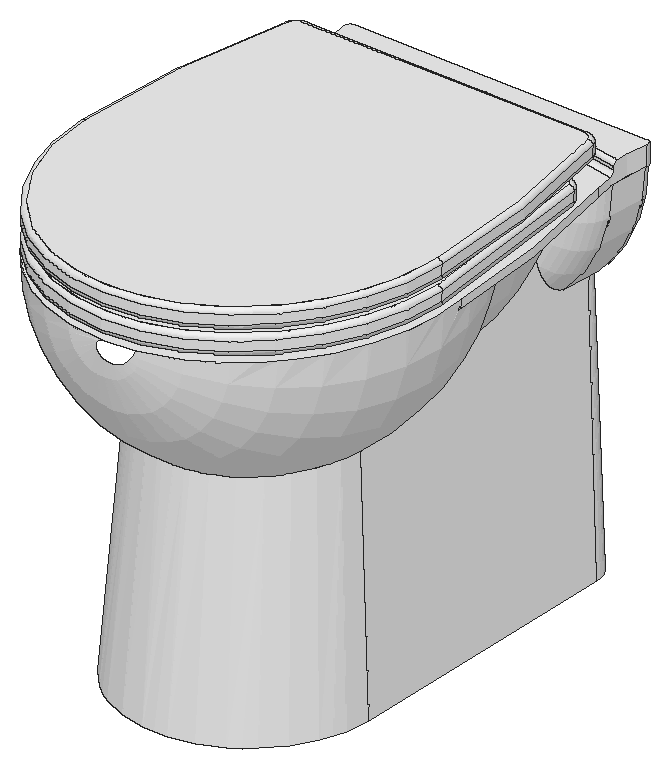
Revit family
Parameters
  Width = 360 mm  # constant formula
  Waste Connection Radius = Waste Connection Diameter / 2  # 51 mm
  Waste Connection = 1 = 1  # yes
  Vent Connection = 1 = 0  # no
  URL = "www.vaalsan.co.za"
  Seat Finish = Plastic-Vaal-White
  Product Code = "4317"
  Omniclass Title = "Water Operated Water Closets"
  Omniclass Number = "23.45.05.21.11.11"
  Model = "Parktown Signature Back Inlet Back To Wall Pan"
  Manufacturer = "Vaal Sanitaryware"  # constant formula
  Length = 525 mm  # constant formula
  Height of Pan = 400 mm  # constant formula
  HW Connection = 1 = 0  # no
  Family created by = "www.rbuiltcomponents.com"
  Cold Water Connection Diameter = 55 mm  # constant formula
  Waste Connection Diameter = 102 mm  # constant formula
  Clearance From Wall = 0 mm
  CW Connection Radius = Cold Water Connection Diameter / 2  # 27.5 mm
  CW Connection = 1 = 1  # yes
  Body Finish = Vitreous China-Vaal-White
  Assembly Code = "D2010110"
Reference planes
  plane 1 "Bottom": z = 0
  plane 2 "Center (Left/Right)": x = 0
  plane 3 "Top": z = 400
  plane 4 "WC back": y = -100
  plane 5: y = -555
  plane 6: y = -238
  plane 7 "Back": y = -100
  plane 8 "Front": y = -625
  plane 9 "Left": x = -180
  plane 10 "Right": x = 180
  plane 11: x = -160
  plane 12: x = 160
  plane 13: x = -80
  plane 14: x = 80
  plane 15 "Void Sweep": z = 392
Forms (mm)
  Blend 1, solid, material "Vitreous China-Vaal-White" <- "Body Finish"
    base sketch origin (0, 0, 0) x (1, 0, 0) y (0, 1, 0)
      loop
        arc (-125, -430) -> (0, -555) -> (125, -430) r 125
        line (125, -430) -> (125, -129.983)
        arc (125, -129.983) -> (116.218, -108.782) -> (95.017, -100) r 29.983
        line (95.017, -100) -> (-95, -100)
        arc (-95, -100) -> (-116.213, -108.787) -> (-125, -130) r 30
        line (-125, -130) -> (-125, -430)
    top sketch origin (0, 0, 0) x (1, 0, 0) y (0, 1, 0)
      loop
        arc (-100, -415) -> (0, -515) -> (100, -415) r 100
        line (100, -415) -> (100, -115)
        arc (100, -115) -> (95.607, -104.393) -> (85, -100) r 15
        line (85, -100) -> (-85, -100)
        arc (-85, -100) -> (-95.607, -104.393) -> (-100, -115) r 15
        line (-100, -115) -> (-100, -415)
    from 0 to 392
  Revolve 2, solid, material "Vitreous China-Vaal-White" <- "Body Finish"
    sketch origin (0, 0, 0) x (0, 1, 0) y (0, 0, 1)
      loop
        line (-205, 400) -> (-625, 400)
        spline (-625, 400) -> (-617.844, 350.824) -> (-596.865, 305) -> (-563.492, 265.65) -> (-520, 235.455) -> (-469.352, 216.474) -> (-415, 210) -> (-360.648, 216.474) -> (-310, 235.455) -> (-266.508, 265.65) -> (-233.135, 305) -> (-212.156, 350.824) -> (-205, 400)
      axis (-625, 400) -> (-205, 400)
    angle from -90 to 90
  Extrusion 3, solid, material "Vitreous China-Vaal-White" <- "Body Finish"
    sketch origin (0, 0, 400) x (-1, 0, 0) y (0, -1, 0)
      loop
        line (160, 100) -> (160, 300) -> (-160, 300) -> (-160, 100) -> (160, 100)
    from -8 to -140.881
  Revolve 4, void
    sketch origin (0, 0, 392) x (0, 1, 0) y (-1, 0, 0)
      loop
        line (-100, 150.984) -> (-100, 220) -> (-300, 220) -> (-300, 153.751)
        arc (-300, 153.751) -> (-241.09, 147.019) -> (-185.218, 127.17) r 261.116
        arc (-185.218, 127.17) -> (-171.773, 148) -> (-148.636, 156.907) r 40
        line (-148.636, 156.907) -> (-108.46, 159.012)
        arc (-108.46, 159.012) -> (-102.505, 156.815) -> (-100, 150.984) r 8.039
      axis (-100, 0) -> (-300, 0)
    angle from 0 to 180
  Extrusion 5, solid, material "Vitreous China-Vaal-White" <- "Body Finish"
    sketch origin (0, 0, 400) x (-1, 0, 0) y (0, -1, 0)
      loop
        arc (153.396, 100) -> (158.068, 102.236) -> (159.258, 107.277) r 6
        arc (159.258, 107.277) -> (155.902, 140.204) -> (160, 173.046) r 146.926
        arc (160, 173.046) -> (181.581, 293.168) -> (188.809, 415) r 1030.439
        line (188.809, 415) -> (-188.809, 415)
        arc (-188.809, 415) -> (-181.581, 293.168) -> (-160, 173.046) r 1030.439
        arc (-160, 173.046) -> (-155.902, 140.204) -> (-159.258, 107.277) r 146.926
        arc (-159.258, 107.277) -> (-158.068, 102.236) -> (-153.396, 100) r 6
        line (-153.396, 100) -> (153.396, 100)
    from 12.935 to -8
  Sweep 6, void
    path origin (0, 0, 400) x (-1, 0, 0) y (0, -1, 0)
      loop
        arc (308.651, 208.877) -> (0, 126.174) -> (-308.651, 208.877) r 617.303
    profile origin (0, -126.174, 400) x (0, 1, 0) y (0, 0, 1)
      loop
        line (66.051, 12.5) -> (66.051, 40) -> (-293.949, 40) -> (-293.949, 0) -> (-5, 0)
        arc (-5, 0) -> (-1.464, 1.464) -> (0, 5) r 5
        line (0, 5) -> (0, 7.5)
        arc (0, 7.5) -> (1.464, 11.036) -> (5, 12.5) r 5
        line (5, 12.5) -> (66.051, 12.5)
  Extrusion 7, solid, material "Plastic-Vaal-White" <- "Seat Finish"
    sketch origin (0, 0, 400) x (-1, 0, 0) y (0, -1, 0)
      loop
        arc (147.388, 179.997) -> (150.477, 181.065) -> (152.246, 183.812) r 5
        arc (152.246, 183.812) -> (173.037, 298.422) -> (180, 414.694) r 974.215
        spline (180, 414.694) -> (173.797, 466.69) -> (155.674, 515.057) -> (126.935, 556.478) -> (89.617, 588.121) -> (46.336, 607.943) -> (0, 614.695) -> (-46.336, 607.943) -> (-89.616, 588.121) -> (-126.934, 556.478) -> (-155.673, 515.057) -> (-173.797, 466.69) -> (-179.999, 414.694)
        arc (-179.999, 414.694) -> (-173.036, 298.422) -> (-152.245, 183.812) r 974.215
        arc (-152.245, 183.812) -> (-150.476, 181.065) -> (-147.388, 179.997) r 5
        line (-147.388, 179.997) -> (147.388, 179.997)
    from 30 to 50
  Sweep 8, solid, material "Plastic-Vaal-White" <- "Seat Finish"
    path in 3D
      loop
        arc (-147.388, -179.997, 450) -> (-150.477, -181.065, 450) -> (-152.246, -183.812, 450) r 5
        arc (-152.246, -183.812, 450) -> (-173.037, -298.422, 450) -> (-180, -414.694, 450) r 974.215
        spline (-180, -414.694, 450) -> (-173.797, -466.69, 450) -> (-155.674, -515.057, 450) -> (-126.935, -556.478, 450) -> (-89.617, -588.121, 450) -> (-46.336, -607.943, 450) -> (0, -614.695, 450) -> (46.336, -607.943, 450) -> (89.616, -588.121, 450) -> (126.934, -556.478, 450) -> (155.673, -515.057, 450) -> (173.797, -466.69, 450) -> (179.999, -414.694, 450)
        arc (179.999, -414.694, 450) -> (173.036, -298.422, 450) -> (152.245, -183.812, 450) r 974.215
        arc (152.245, -183.812, 450) -> (150.476, -181.065, 450) -> (147.388, -179.997, 450) r 5
        line (147.388, -179.997, 450) -> (-147.388, -179.997, 450)
    profile origin (0, -179.997, 450) x (0, -1, 0) y (0, 0, 1)
      loop
        line (0, -20) -> (0, 0) -> (-5, 0)
        arc (-5, 0) -> (-8.536, -1.464) -> (-10, -5) r 5
        line (-10, -5) -> (-10, -15)
        arc (-10, -15) -> (-8.536, -18.536) -> (-5, -20) r 5
        line (-5, -20) -> (0, -20)
  Extrusion 9, solid, material "Plastic-Vaal-White" <- "Seat Finish"
    sketch origin (0, 0, 400) x (-1, 0, 0) y (0, -1, 0)
      loop
        arc (159.914, 217.886) -> (174.965, 315.779) -> (180, 414.694) r 974.215
        spline (180, 414.694) -> (173.797, 466.69) -> (155.674, 515.057) -> (126.935, 556.478) -> (89.617, 588.121) -> (46.336, 607.943) -> (0, 614.695) -> (-46.336, 607.943) -> (-89.616, 588.121) -> (-126.934, 556.478) -> (-155.673, 515.057) -> (-173.797, 466.69) -> (-179.999, 414.694)
        arc (-179.999, 414.694) -> (-174.965, 315.779) -> (-159.913, 217.886) r 974.215
        arc (-159.913, 217.886) -> (-158.174, 215.02) -> (-155.016, 213.896) r 5
        line (-155.016, 213.896) -> (155.017, 213.896)
        arc (155.017, 213.896) -> (158.175, 215.02) -> (159.914, 217.886) r 5
    from 5 to 25
  Revolve 10, solid, material "Plastic-Vaal-White" <- "Seat Finish"
    sketch origin (-76.438, -146.25, 10) x (0, -1, 0) y (0, 0, -1)
      loop
        line (45, -420) -> (57.536, -420)
        arc (57.536, -420) -> (57.621, -413.327) -> (55.081, -407.156) r 16.66
        arc (55.081, -407.156) -> (58.509, -398.856) -> (60, -390) r 39.998
        line (60, -390) -> (45, -390) -> (45, -420)
      axis (45, -420) -> (45, -390)
    angle from 0 to 360
  Revolve 11, solid, material "Plastic-Vaal-White" <- "Seat Finish"
    sketch origin (76.438, -146.25, 10) x (0, -1, 0) y (0, 0, 1)
      loop
        line (45, 420) -> (45, 390) -> (60, 390)
        arc (60, 390) -> (58.509, 398.856) -> (55.081, 407.156) r 39.998
        arc (55.081, 407.156) -> (57.621, 413.327) -> (57.536, 420) r 16.66
        line (57.536, 420) -> (45, 420)
      axis (45, 420) -> (45, 390)
    angle from 0 to 360
  Sweep 12, solid, material "Plastic-Vaal-White" <- "Seat Finish"
    path in 3D
      loop
        arc (-155.017, -213.896, 425) -> (-158.175, -215.02, 425) -> (-159.914, -217.886, 425) r 5
        arc (-159.914, -217.886, 425) -> (-174.965, -315.779, 425) -> (-180, -414.694, 425) r 974.215
        spline (-180, -414.694, 425) -> (-173.797, -466.69, 425) -> (-155.674, -515.057, 425) -> (-126.935, -556.478, 425) -> (-89.617, -588.121, 425) -> (-46.336, -607.943, 425) -> (0, -614.695, 425) -> (46.336, -607.943, 425) -> (89.616, -588.121, 425) -> (126.934, -556.478, 425) -> (155.673, -515.057, 425) -> (173.797, -466.69, 425) -> (179.999, -414.694, 425)
        arc (179.999, -414.694, 425) -> (174.965, -315.779, 425) -> (159.913, -217.886, 425) r 974.215
        arc (159.913, -217.886, 425) -> (158.174, -215.02, 425) -> (155.016, -213.896, 425) r 5
        line (155.016, -213.896, 425) -> (-155.017, -213.896, 425)
    profile origin (0, -213.896, 425) x (0, -1, 0) y (0, 0, 1)
      loop
        line (0, 0) -> (-5, 0)
        arc (-5, 0) -> (-8.536, -1.464) -> (-10, -5) r 5
        line (-10, -5) -> (-10, -15)
        arc (-10, -15) -> (-8.536, -18.536) -> (-5, -20) r 5
        line (-5, -20) -> (0, -20) -> (0, 0)
Cuts and joins
  Revolve 4, Sweep 6 cuts Extrusion 3
  Sweep 6 cuts Blend 1
  Sweep 6 cuts Revolve 2
  Sweep 6 cuts Extrusion 5
  joined: Blend 1, Revolve 2, Extrusion 5
  joined: Extrusion 7, Sweep 8
  joined: Extrusion 9, Sweep 12
Lines and regions (mm)
  Masking region 1
    outline origin (0, -100, 0) x (1, 0, 0) y (0, 0, 1)
      loop
        line (-180, 450) -> (-180, 400)
        arc (-180, 400) -> (-165.765, 329.844) -> (-125.312, 270.784) r 180
        arc (-125.312, 270.784) -> (-113.478, 252.902) -> (-110.223, 231.708) r 50
        line (-110.223, 231.708) -> (-125, 0) -> (125, 0) -> (110.223, 231.708)
        arc (110.223, 231.708) -> (113.478, 252.902) -> (125.312, 270.784) r 50
        arc (125.312, 270.784) -> (165.765, 329.844) -> (180, 400) r 180
        line (180, 400) -> (180, 450) -> (-180, 450)
  Masking region 2
    outline origin (0, 0, 0) x (0, 1, 0) y (0, 0, 1)
      loop
        line (-149.55, 400) -> (-170, 400) -> (-170, 450) -> (-625, 450) -> (-625, 379.936)
        arc (-625, 379.936) -> (-606.579, 306.829) -> (-555.715, 251.181) r 154.278
        arc (-555.715, 251.181) -> (-538.051, 230.809) -> (-533.535, 204.226) r 50
        line (-533.535, 204.226) -> (-555, 0) -> (-100.123, 0) -> (-100.123, 412.5) -> (-137.05, 412.5) -> (-149.55, 400)
  Masking region 3
    outline origin (0, 0, 0) x (1, 0, 0) y (0, 1, 0)
      loop
        line (151.318, -100) -> (-151.318, -100)
        arc (-151.318, -100) -> (-159.106, -103.728) -> (-161.088, -112.132) r 10
        arc (-161.088, -112.132) -> (-155.694, -159.613) -> (-160, -207.206) r 235.4
        arc (-160, -207.206) -> (-174.988, -310.623) -> (-180, -415) r 1089.462
        spline (-180, -415) -> (-173.867, -469.352) -> (-155.885, -520) -> (-127.279, -563.492) -> (-90, -596.865) -> (-46.587, -617.844) -> (0, -625) -> (46.587, -617.844) -> (90, -596.865) -> (127.279, -563.492) -> (155.885, -520) -> (173.867, -469.352) -> (180, -415)
        arc (180, -415) -> (174.988, -310.623) -> (160, -207.206) r 1089.462
        arc (160, -207.206) -> (155.694, -159.613) -> (161.088, -112.132) r 235.4
        arc (161.088, -112.132) -> (159.106, -103.728) -> (151.318, -100) r 10
  symbolic lines, style "Water Closet"
    curve 1: line (-180, 0, 400) -> (180, 0, 400)
    curve 2: line (0, -170, 400) -> (0, -625, 400)
  symbolic lines, style "Water Closet", detail levels fine
    curve 3: line (0, -170, 425) -> (0, -625, 425)
    curve 4: spline (80, 0, 238.852) -> (67.762, 0, 232.884) -> (54.933, 0, 227.929) -> (41.625, 0, 224.029) -> (27.953, 0, 221.219) -> (14.038, 0, 219.523) -> (0, 0, 218.956) -> (-14.038, 0, 219.523) -> (-27.953, 0, 221.219) -> (-41.625, 0, 224.029) -> (-54.933, 0, 227.929) -> (-67.762, 0, 232.884) -> (-80, 0, 238.852)
    curve 5: line (-180, 0, 425) -> (180, 0, 425)
    curve 6: line (0, -179.64, 385) -> (0, -318.038, 385)
    curve 7: line (150, -170, 0) -> (-150, -170, 0)
    curve 14: arc (-150, -170, 400) -> (-154.301, -171.781, 400) -> (-156.082, -176.082, 400) r 6.082
    curve 15: arc (150, -170, 400) -> (154.301, -171.781, 400) -> (156.082, -176.082, 400) r 6.082
    curve 16: line (0, -179.64, 385) -> (0, -179.64, 332.214)
    curve 17: arc (0, -179.64, 332.214) -> (0, -191.561, 277.772) -> (0, -225.14, 233.293) r 130.284
    curve 18: line (0, -258.038, 385) -> (0, -531.273, 232.601)
  sketch lines
    curve 8: line (155.016, -213.896, 425) -> (-155.017, -213.896, 425)
    curve 9: arc (-159.914, -217.886, 425) -> (-158.175, -215.02, 425) -> (-155.017, -213.896, 425) r 5
    curve 10: arc (-180, -414.694, 425) -> (-174.965, -315.779, 425) -> (-159.914, -217.886, 425) r 974.215
    curve 11: spline (179.999, -414.694, 425) -> (173.797, -466.69, 425) -> (155.673, -515.057, 425) -> (126.934, -556.478, 425) -> (89.616, -588.121, 425) -> (46.336, -607.943, 425) -> (0, -614.695, 425) -> (-46.336, -607.943, 425) -> (-89.617, -588.121, 425) -> (-126.935, -556.478, 425) -> (-155.674, -515.057, 425) -> (-173.797, -466.69, 425) -> (-180, -414.694, 425)
    curve 12: arc (159.913, -217.886, 425) -> (174.965, -315.779, 425) -> (179.999, -414.694, 425) r 974.215
    curve 13: arc (155.016, -213.896, 425) -> (158.174, -215.02, 425) -> (159.913, -217.886, 425) r 5
    curve 29: line (147.388, -179.997, 450) -> (-147.388, -179.997, 450)
    curve 30: arc (-152.246, -183.812, 450) -> (-150.477, -181.065, 450) -> (-147.388, -179.997, 450) r 5
    curve 31: arc (-180, -414.694, 450) -> (-173.037, -298.422, 450) -> (-152.246, -183.812, 450) r 974.215
    curve 32: spline (179.999, -414.694, 450) -> (173.797, -466.69, 450) -> (155.673, -515.057, 450) -> (126.934, -556.478, 450) -> (89.616, -588.121, 450) -> (46.336, -607.943, 450) -> (0, -614.695, 450) -> (-46.336, -607.943, 450) -> (-89.617, -588.121, 450) -> (-126.935, -556.478, 450) -> (-155.674, -515.057, 450) -> (-173.797, -466.69, 450) -> (-180, -414.694, 450)
    curve 33: arc (152.245, -183.812, 450) -> (173.036, -298.422, 450) -> (179.999, -414.694, 450) r 974.215
    curve 34: arc (147.388, -179.997, 450) -> (150.476, -181.065, 450) -> (152.245, -183.812, 450) r 5
  symbolic lines, style "PlumbingFixturesHiddenLines", detail levels fine
    curve 19: line (0, -192.184, 221.902) -> (0, -238, 221.902)
    curve 20: line (0, -192.184, 119.902) -> (0, -192.184, 221.902)
    curve 21: line (0, -238, 119.902) -> (0, -192.184, 119.902)
    curve 22: line (0, -238, 229.902) -> (0, -238, 108.55)
    curve 23: arc (0, -225.14, 233.293) -> (0, -108.815, 139.666) -> (0, -188.117, 13.141) r 112.401
    curve 24: line (0, -188.117, 13.141) -> (0, -188.117, 0)
    curve 25: line (0, -231.022, 91.155) -> (0, -284.267, 53.873)
    curve 26: arc (0, -284.267, 53.873) -> (0, -295.933, 40.597) -> (0, -300.184, 23.442) r 37.329
    curve 27: line (0, -300.184, 23.442) -> (0, -300.184, 0)
    curve 28: arc (0, -238, 108.55) -> (0, -227.61, 102.621) -> (0, -231.022, 91.155) r 9.623
Dimensions and locks
  locked: plane 3 "Top" to plane 1 "Bottom" at 400
  locked: plane 5 to plane 4 "WC back" at 455
  locked: plane 6 to plane 4 "WC back" at 138
  Revolve 2 sketch curve to level = 400 mm
  "Clearance From Wall": plane 4 "WC back" to plane 7 "Back"
  equal spacing: plane 9 "Left", plane 2 "Center (Left/Right)", plane 10 "Right"
  locked: plane 9 "Left" to plane 10 "Right" at 360
  equal spacing: plane 11, plane 2 "Center (Left/Right)", plane 12
  locked: plane 11 to plane 12 at 320
  equal spacing: plane 13, plane 2 "Center (Left/Right)", plane 14
  locked: plane 13 to plane 14 at 160
  equal spacing: Blend 1 sketch curve, plane 2 "Center (Left/Right)", Blend 1 sketch curve  (x2)
  locked: Blend 1 sketch curve to Blend 1 sketch curve at 250
  locked: Blend 1 sketch curve to Blend 1 sketch curve at 200
  locked: Revolve 2 sketch curve to plane 8 "Front" at 210
  locked: plane 3 "Top" to plane 15 "Void Sweep" at 8
  connector elem to level = 180 mm
  locked: plane 6 to Extrusion 9 sketch curve at 24.104
  locked: Extrusion 9 sketch curve to plane 6 at 176.694  (x2)
  locked: Extrusion 9 sketch curve to plane 9 "Left" at 614.216
  locked: plane 10 "Right" to Extrusion 9 sketch curve at 614.215
  locked: plane 6 to Extrusion 7 sketch curve at 58.003
  locked: Extrusion 7 sketch curve to plane 6 at 176.694  (x2)
  locked: Extrusion 7 sketch curve to plane 9 "Left" at 614.216
  locked: plane 10 "Right" to Extrusion 7 sketch curve at 614.215
  locked: plane 5 to Blend 1 sketch curve at 125
  locked: plane 5 to Blend 1 sketch curve at 140
  locked: Extrusion 3 sketch curve to plane 6 at 62
  locked: Sweep 6 sketch curve to plane 8 "Front" at 118.477
  locked: plane 2 "Center (Left/Right)" to Sweep 6 sketch curve
  Revolve 4 sketch curve to plane 6 to Revolve 4 sketch curve = 62 mm locked, 138 mm locked
  Extrusion 5 sketch curve to plane 6 to Extrusion 5 sketch curve = 177 mm locked, 138 mm locked
  Sweep 6 sketch curve to plane 6 to Sweep 6 sketch curve = 177.877 mm locked, 182.123 mm locked
  Masking region 2 sketch curve to Masking region 2 sketch curve to plane 6 to Masking region 2 sketch curve = 69.877 mm locked, 68 mm locked, 387 mm locked
  locked: plane 8 "Front" to plane 4 "WC back" at 525
  locked: connector elem to plane 2 "Center (Left/Right)"  (x2)
  locked: connector elem to plane 1 "Bottom" at 357.5
  radius of Sweep 6 sketch curve = 617.303 mm
  aligned and locked: curve 1 to plane 3 "Top"
  aligned and locked: curve 2 to Masking region 2
  aligned and locked: Masking region 2 to curve 2
  aligned and locked: Blend 1 to plane 1 "Bottom"
  aligned and locked: Revolve 2 sketch curve to Revolve 2 sketch curve
  aligned and locked: plane 12 to Extrusion 3 sketch curve
  aligned and locked: Revolve 4 sketch curve to plane 2 "Center (Left/Right)"
  aligned and locked: cut or joined group of Blend 1, Revolve 2, Extrusion 5, Sweep 6 to plane 15 "Void Sweep"
  aligned and locked: plane 15 "Void Sweep" to cut or joined group of Extrusion 3, Revolve 4, Sweep 6
  aligned and locked: plane 15 "Void Sweep" to cut or joined group of Blend 1, Revolve 2, Extrusion 5, Sweep 6
  aligned and locked: Sweep 12 to Extrusion 9
  aligned and locked: plane 9 "Left" to Masking region 3 sketch curve
  aligned and locked: Masking region 3 sketch curve to cut or joined group of Blend 1, Revolve 2, Extrusion 5, Sweep 6
  aligned and locked: plane 9 "Left" to Masking region 1 sketch curve
  aligned and locked: plane 10 "Right" to Masking region 1 sketch curve
  aligned and locked: plane 10 "Right" to curve 1
  aligned and locked: plane 9 "Left" to curve 1
  aligned and locked: plane 9 "Left" to curve 5
  aligned and locked: plane 10 "Right" to curve 5
  aligned and locked: Masking region 2 to curve 3
  aligned and locked: plane 8 "Front" to curve 3
  aligned and locked: plane 8 "Front" to curve 2
  aligned and locked: Blend 1 sketch curve to plane 4 "WC back"  (x2)
  aligned and locked: plane 4 "WC back" to Extrusion 3 sketch curve
  aligned and locked: Extrusion 3 sketch curve to plane 11
  aligned and locked: Sweep 6 sketch curve to profile plane
Automatic sketch dimensions
  Revolve 2 sketch curve to plane 8 "Front" = 0 mm
  plane 8 "Front" to Revolve 2 sketch curve = 55 mm
  Revolve 2 sketch curve to Revolve 2 sketch curve = 25 mm
  Revolve 4 sketch curve to plane 4 "WC back" = 0 mm  (x2)
  Revolve 4 sketch curve to plane 5 = 140 mm
  plane 11 to Revolve 4 sketch curve = 32.83 mm
  plane 11 to Revolve 4 sketch curve = 3.093 mm
  Revolve 4 sketch curve to Revolve 4 sketch curve = 36.582 mm
  Revolve 4 sketch curve to plane 13 = 36.961 mm
  plane 11 to Revolve 4 sketch curve = 0.988 mm
  plane 4 "WC back" to Revolve 4 sketch curve = 8.46 mm
  Revolve 4 sketch curve to Revolve 4 sketch curve = 0.421 mm
  plane 14 to Revolve 4 sketch curve = 27.365 mm
  Revolve 4 sketch curve to Revolve 4 sketch curve = 0 mm
  Revolve 4 sketch curve to plane 9 "Left" = 40 mm
  Extrusion 5 sketch curve to plane 12 = 0 mm  (x2)
  Extrusion 5 sketch curve to plane 11 = 0 mm  (x2)
  plane 10 "Right" to Extrusion 5 sketch curve = 8.809 mm
  plane 4 "WC back" to Extrusion 5 sketch curve = 38.547 mm
  Extrusion 5 sketch curve to Extrusion 5 sketch curve = 538.812 mm
  Extrusion 5 sketch curve to plane 12 = 0.742 mm
  Extrusion 5 sketch curve to Extrusion 5 sketch curve = 0 mm  (x2)
  Extrusion 5 sketch curve to Extrusion 5 sketch curve = 5.863 mm
  plane 11 to Extrusion 5 sketch curve = 6.604 mm
  plane 11 to Extrusion 5 sketch curve = 0.742 mm
  Extrusion 5 sketch curve to plane 2 "Center (Left/Right)" = 188.809 mm
  Sweep 6 sketch curve to plane 6 = 29.123 mm  (x2)
  Sweep 6 sketch curve to plane 3 "Top" = 0 mm
  profile plane to Sweep 6 sketch curve = 5 mm
  Sweep 6 sketch curve to profile plane = 5 mm
  Sweep 6 sketch curve to Sweep 6 sketch curve = 2.5 mm
  Sweep 6 sketch curve to Sweep 6 sketch curve = 27.5 mm
  Extrusion 7 sketch curve to plane 10 "Right" = 0.001 mm
  Extrusion 7 sketch curve to Extrusion 7 sketch curve = 0 mm  (x2)
  Extrusion 7 sketch curve to Extrusion 7 sketch curve = 4.858 mm  (x2)
  plane 9 "Left" to Extrusion 7 sketch curve = 0 mm
  profile plane to Sweep 8 sketch curve = 10 mm
  Sweep 8 sketch curve to profile plane = 0 mm
  profile plane to Sweep 8 sketch curve = 5 mm  (x2)
  Sweep 8 sketch curve to Sweep 8 sketch curve = 5 mm
  Sweep 8 sketch curve to Sweep 8 sketch curve = 10 mm
  Revolve 10 sketch curve to plane 3 "Top" = 0 mm  (x2)
  Revolve 10 sketch curve to plane 3 "Top" = 2.169 mm
  plane 4 "WC back" to Revolve 10 sketch curve = 66.311 mm
  Revolve 10 sketch curve to Revolve 10 sketch curve = 21.197 mm
  Revolve 10 sketch curve to Revolve 10 sketch curve = 24.939 mm
  Revolve 10 sketch curve to Revolve 10 sketch curve = 0 mm  (x2)
  Revolve 10 sketch curve to Revolve 10 sketch curve = 10.081 mm
  Revolve 10 sketch curve to Revolve 10 sketch curve = 12.536 mm
  Revolve 10 sketch curve to Revolve 10 sketch curve = 15 mm
  Revolve 10 sketch curve to Revolve 10 sketch curve = 9.299 mm
  Revolve 11 sketch curve to plane 3 "Top" = 0 mm  (x2)
  Revolve 11 sketch curve to plane 3 "Top" = 2.169 mm
  plane 4 "WC back" to Revolve 11 sketch curve = 66.311 mm
  Revolve 11 sketch curve to Revolve 11 sketch curve = 21.197 mm
  Revolve 11 sketch curve to Revolve 11 sketch curve = 24.939 mm
  Revolve 11 sketch curve to Revolve 11 sketch curve = 0 mm  (x2)
  Revolve 11 sketch curve to Revolve 11 sketch curve = 10.081 mm
  Revolve 11 sketch curve to Revolve 11 sketch curve = 12.536 mm
  Revolve 11 sketch curve to Revolve 11 sketch curve = 15 mm
  Revolve 11 sketch curve to Revolve 11 sketch curve = 9.299 mm
  Extrusion 9 sketch curve to plane 10 "Right" = 0.001 mm
  Extrusion 9 sketch curve to plane 12 = 0.087 mm
  plane 11 to Extrusion 9 sketch curve = 0.086 mm
  Extrusion 9 sketch curve to Extrusion 9 sketch curve = 0 mm  (x2)
  plane 9 "Left" to Extrusion 9 sketch curve = 0 mm
  curve 7 to plane 13 = 70 mm
  plane 14 to curve 7 = 70 mm
  curve 7 to plane 6 = 68 mm
  Blend 1 sketch curve to plane 13 = 15 mm
  plane 14 to Blend 1 sketch curve = 15.017 mm
  Blend 1 sketch curve to plane 13 = 5 mm
  plane 14 to Blend 1 sketch curve = 5 mm
  curve 15 to plane 12 = 3.918 mm
  curve 15 to curve 15 = 6.082 mm
  plane 11 to curve 14 = 10 mm
  plane 11 to curve 14 = 3.918 mm
  curve 14 to plane 6 = 68 mm
  curve 15 to plane 6 = 68 mm
  Masking region 3 sketch curve to plane 11 = 0 mm  (x2)
  Masking region 3 sketch curve to plane 4 "WC back" = 0 mm
  Masking region 3 sketch curve to plane 2 "Center (Left/Right)" = 0 mm
  Masking region 3 sketch curve to plane 12 = 0 mm  (x2)
  plane 4 "WC back" to Masking region 3 sketch curve = 62.308 mm
  Masking region 3 sketch curve to Masking region 3 sketch curve = 231.078 mm
  Masking region 3 sketch curve to Masking region 3 sketch curve = 518.384 mm
  Masking region 3 sketch curve to plane 11 = 1.088 mm
  Masking region 3 sketch curve to Masking region 3 sketch curve = 0 mm  (x2)
  Masking region 3 sketch curve to plane 12 = 8.682 mm
  plane 12 to Masking region 3 sketch curve = 1.088 mm
  Sweep 12 sketch curve to profile plane = 0 mm  (x2)
  profile plane to Sweep 12 sketch curve = 5 mm  (x2)
  Sweep 12 sketch curve to Sweep 12 sketch curve = 5 mm
  Sweep 12 sketch curve to Sweep 12 sketch curve = 10 mm
  Masking region 1 sketch curve to Masking region 1 sketch curve = 0 mm  (x4)
  Masking region 1 sketch curve to level = 0 mm
  Masking region 1 sketch curve to plane 2 "Center (Left/Right)" = 0 mm
  Masking region 1 sketch curve to plane 3 "Top" = 0 mm
  Masking region 1 sketch curve to plane 11 = 0.121 mm
  plane 11 to Masking region 1 sketch curve = 35 mm
  Masking region 1 sketch curve to Masking region 1 sketch curve = 34.809 mm  (x2)
  Masking region 1 sketch curve to Masking region 1 sketch curve = 15.09 mm  (x2)
  plane 14 to Masking region 1 sketch curve = 45 mm
  Masking region 1 sketch curve to Masking region 1 sketch curve = 35.893 mm
  plane 3 "Top" to Masking region 1 sketch curve = 50 mm
  curve 4 to plane 13 = 0 mm
  curve 4 to plane 14 = 0 mm
  plane 11 to curve 4 = 9.555 mm
  plane 2 "Center (Left/Right)" to curve 4 = 0 mm
  curve 4 to plane 15 "Void Sweep" = 43.093 mm
  curve 4 to curve 4 = 110.055 mm
  plane 3 "Top" to curve 5 = 25 mm
  Masking region 2 sketch curve to level = 0 mm
  Masking region 2 sketch curve to plane 5 = 0 mm
  plane 5 to Masking region 2 sketch curve = 28.261 mm
  plane 5 to Masking region 2 sketch curve = 0.715 mm
  Masking region 2 sketch curve to Masking region 2 sketch curve = 0 mm
  Masking region 2 sketch curve to plane 5 = 21.465 mm
  Masking region 2 sketch curve to plane 15 "Void Sweep" = 12.064 mm
  Masking region 2 sketch curve to Masking region 2 sketch curve = 154.278 mm
  Masking region 2 sketch curve to Masking region 2 sketch curve = 20.45 mm
  Masking region 2 sketch curve to Masking region 2 sketch curve = 12.5 mm
  plane 3 "Top" to Masking region 2 sketch curve = 12.5 mm
  Masking region 2 sketch curve to Masking region 2 sketch curve = 37.5 mm
  Masking region 2 sketch curve to plane 3 "Top" = 0 mm
  curve 27 to level = 0 mm
  curve 28 to plane 6 = 0 mm
  curve 24 to level = 0 mm
  curve 18 to plane 5 = 23.727 mm
  curve 6 to plane 15 "Void Sweep" = 7 mm
  plane 6 to curve 6 = 80.038 mm
  curve 6 to curve 17 = 8.114 mm
  plane 6 to curve 27 = 62.184 mm
  curve 26 to curve 25 = 15.918 mm
  plane 6 to curve 26 = 24.855 mm
  plane 6 to curve 18 = 20.038 mm
  curve 28 to plane 6 = 1.459 mm
  curve 28 to plane 6 = 6.978 mm
  curve 23 to plane 6 = 12.86 mm
  curve 23 to plane 6 = 18.34 mm
  curve 23 to curve 20 = 27.476 mm
  level to curve 24 = 13.141 mm
  curve 24 to plane 6 = 49.883 mm
  curve 17 to plane 6 = 58.36 mm
  level to curve 26 = 23.295 mm
  level to curve 26 = 23.442 mm
  curve 25 to curve 25 = 37.282 mm
  curve 28 to curve 28 = 7.883 mm
  curve 28 to curve 21 = 11.352 mm
  curve 21 to curve 23 = 1.123 mm
  curve 19 to curve 23 = 11.391 mm
  curve 19 to curve 22 = 8 mm
  curve 18 to plane 15 "Void Sweep" = 159.399 mm
  plane 3 "Top" to curve 3 = 25 mm
  plane 11 to Revolve 4 sketch curve = 6.249 mm
Connectors
  piping at (0, -100, 180), driven by "Waste Connection Radius"
    settings: on Extrusion 5, index 5
  piping at (0, -100, 357.5), driven by "CW Connection Radius"
    settings: on Extrusion 5, index 6
